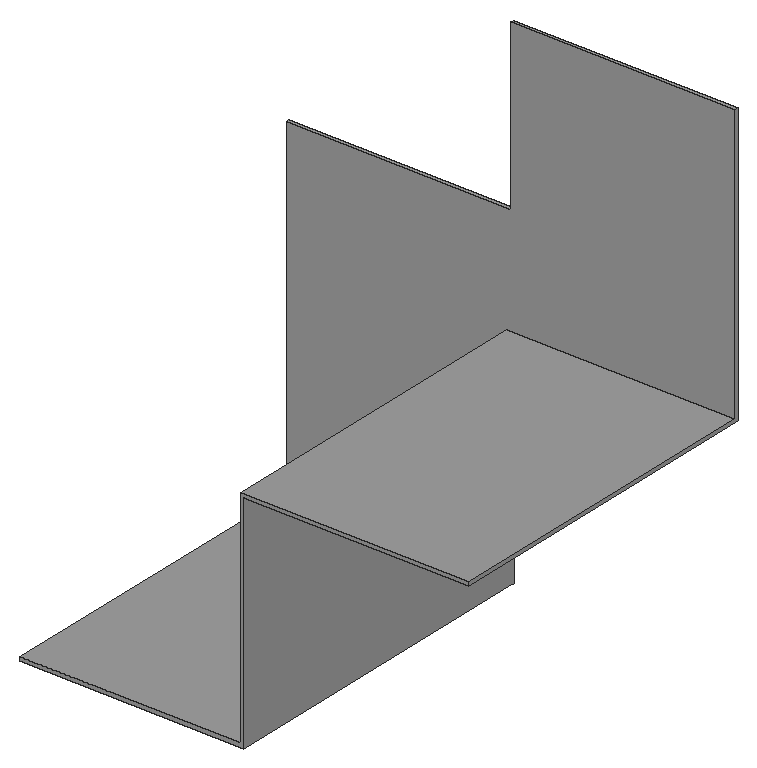
Revit family "8d127397-cbfa-493a-8096-658bbf147f5d", category Generic Models, Revit 2012
Parameters (values of type "4 inch")
  Upper Height = 0' - 5"
  Unit Width = 0' - 4"
  Unit Height = 0' - 4"
  Unit Depth = 0' - 6"
  URL = "http://www.hyload.com/"
  Thickness = 0' - 0 1/16"
  Specification = "http://www.arcat.com/sdspecs/htm04/07_65_00hyl.htm"
  Sales Information = "http://www.hyload.com/contact-us"
  Revision = "R1_12-2015"
  Product Properties = "http://www.hyload.com/masonry-flashing/preformed-shapes/"
  Product Data = "http://www.arcat.com/arcatcos/cos33/arc33176.html"
  Model = "4 in Level Change"
  Manufacturer Website = "http://www.hyload.com/"
  Manufacturer Phone - Toll Free = "800-457-4056"
  Manufacturer Phone = "330-769-3546"
  Manufacturer Fax = "330-769-4153"
  Manufacturer Address = "5020 Panther Pkwy., Seville, OH 44273"
  Manufacturer = "Hyload"
  Lower Height = 0' - 6"
  Keynote = "07 65 00"
  Flashing Material = Hyload Flashing Membrane - Grey
  Drawn By = "Robert S. Weygant / Sumex Design"
  Description = "Preformed Hyload Masonry Flashing - 4 in Level Change"
  Copyright = "(c) ARCAT, Inc, 2015"
  Construction Details = "http://www.arcat.com/details/hyload/hyload.html?coid=33176"
  Assembly Code = "B3010400"
Types (2): name | Upper Height | Unit Height | Model | Description
  3 inch | 0' - 6" | 0' - 3" | "3 in Level Change" | "Preformed Hyload Masonry Flashing - 3 in Level Change"
  4 inch | 0' - 5" | 0' - 4" | "4 in Level Change" | "Preformed Hyload Masonry Flashing - 4 in Level Change"
Reference planes (in)
  plane 1 "Center (Front/Back)": y = 0
  plane 2: z = 0
  plane 3 "Center (Left/Right)": x = 0
  plane 4: y = -6
  plane 5: x = 4
  plane 6: z = 4
  plane 7: x = -4
Forms (in)
  Extrusion 1, solid, material "Hyload Flashing Membrane - Grey" <- "Flashing Material"
    sketch origin (0, 0, 0) x (1, 0, 0) y (0, 0, 1)
      loop
        line (-4, 0) -> (0, 0) -> (0, 4) -> (4, 4) -> (4, 4.0625) -> (-0.0625, 4.0625) -> (-0.0625, 0.0625) -> (-4, 0.0625) -> (-4, 0)
    from 0 to 6
  Extrusion 2, solid, material "Hyload Flashing Membrane - Grey" <- "Flashing Material"
    sketch origin (0, 0, 0) x (1, 0, 0) y (0, 0, 1)
      loop
        line (4, 4) -> (4, 9) -> (0, 9) -> (0, 6) -> (-4, 6) -> (-4, 0) -> (0, 0) -> (0, 4) -> (4, 4)
    from 0 to 0.0625 <- "Thickness"
Cuts and joins
  joined: Extrusion 1, Extrusion 2
Dimensions and locks (in)
  "Unit Depth": plane 4 to plane 1 "Center (Front/Back)"
  "Unit Width": plane 3 "Center (Left/Right)" to plane 5
  "Unit Height": plane 6 to level
  "Thickness": Extrusion 1 sketch curve to plane 6
  "Thickness": Extrusion 1 sketch curve to level
  "Thickness": plane 3 "Center (Left/Right)" to Extrusion 1 sketch curve
  "Upper Height": Extrusion 2 sketch curve to plane 6
  "Lower Height": Extrusion 2 sketch curve to level
  "Unit Width": plane 7 to plane 3 "Center (Left/Right)"
  aligned and locked: plane 2 to level
  aligned and locked: Extrusion 1 sketch curve to level
  aligned and locked: Extrusion 1 sketch curve to plane 6
  aligned and locked: Extrusion 1 to plane 4
  aligned and locked: plane 5 to Extrusion 1 sketch curve
  aligned and locked: plane 3 "Center (Left/Right)" to Extrusion 1 sketch curve
  aligned and locked: plane 7 to Extrusion 1 sketch curve
  aligned and locked: plane 7 to Extrusion 2 sketch curve
  aligned and locked: plane 3 "Center (Left/Right)" to Extrusion 2 sketch curve  (x2)
  aligned and locked: Extrusion 2 sketch curve to plane 6
  aligned and locked: Extrusion 2 sketch curve to level
Automatic sketch dimensions
  Extrusion 2 sketch curve to plane 5 = 0' - 0"
